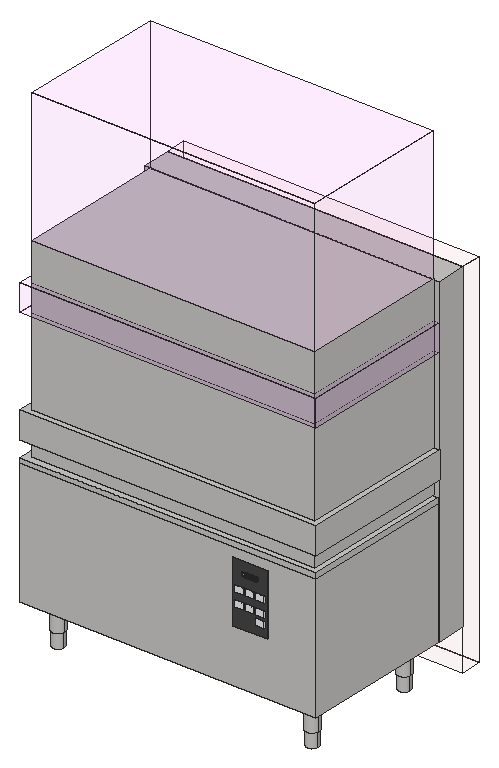
Revit family "QF_ZANUSSI_506068_ZPPWEALMS", category Attrezzature speciali, Revit 2020
Family settings
  Quota connettore circolare = Usa diametro
  Tipo di parte = Normale
  Basato su piano di lavoro = No
  Sempre verticale = Sì
  Taglio con vuoti quando caricato = No
  Condiviso = No
  Punto di calcolo locali = No
Parameters (values of type "Standard")
  Weight = 270.00 kg
  Watts = 15500 W
  Volts = 400 V
  URL Manufacturer = "http://www.zanussiprofessional.com"
  URL = "http://www.zanussiprofessional.com"
  Steam Supply Size = 0 mm
  Steam Supply Minimum Pressure = 0.0 Pa
  Steam Supply Maximum Pressure = 0.0 Pa
  Steam Consumption per Hour = 0
  Show Logo [instance] = yes
  Show Clearance [instance] = yes
  Refrigeration Suction Line Size = 0 mm
  Refrigeration Liquid Line Size = 0 mm
  Refrigerant Compressor Remote = yes
  Prospetto di default = 0 mm
  Produttore = "Zanussi"
  Phase = 3
  Modello = "ZPPWEALMS"
  Length Actual = 1433 mm  # constant formula
  Item Number = "506068"
  Hot Water Size = 19.05 mm
  Height Actual = 1760 mm  # constant formula
  HP = "20.8 HP"
  Gas Size = 0 mm
  Gas KW = 0
  Gas Input Pressure = 0 W
  Direct Waste Size = 36 mm
  Descrizione = "POT&P WASH.,AUTO,FRONT/S,MULTIR.,1433MM"
  Depth Actual = 890 mm  # constant formula
  Cycle = 50 Hz
  Condensate Return Size = 0 mm
  Compressed Air Volume = 0.0 L/s
  Compressed Air Size = 0 mm
  Compressed Air Pressure = 0.0 Pa
  Cold Water Size = 0 mm
  Accessory = yes
Reference planes
  plane 1 "Center (Front/Back)": y = -5
  plane 2: z = 0
  plane 3: x = -63
  plane 4 "LEFT": x = -777
  plane 5: x = 651
  plane 6: y = -440
  plane 7 "BACK": y = 450
  plane 8: z = 1760
  plane 9: y = -334
  plane 10: x = -677
  plane 11: y = 221
  plane 12: x = 551
  plane 13: z = 800
  plane 14: y = 310
  plane 15: z = 2400
Forms (mm)
  Extrusion 1, solid, material "QF_Finishes_Stainless Steel"
    sketch origin (0, 0, 0) x (1, 0, 0) y (0, 1, 0)
      loop
        line (-777, 300) -> (-777, -440) -> (651, -440) -> (651, 300) -> (-777, 300)
    from 200 to 800
  Extrusion 2, solid, material "QF_Finishes_Clearance", visible <- "Show Clearance"
    sketch origin (0, 0, 0) x (1, 0, 0) y (0, 1, 0)
      loop
        line (-777, 450) -> (651, 450) -> (651, 550) -> (-777, 550) -> (-777, 450)
    from 0 to 1760
  Extrusion 3, solid, material "QF_Finishes_Stainless Steel"
    sketch origin (-402.159, 705.464, 194.383) x (1, 0, 0) y (0, 1, 0)
      loop
        circle (677.159, -777.464) r 10
    from -9.383 to 5.617
  Extrusion 4, solid, material "QF_Finishes_Stainless Steel"
    sketch origin (0, 0, 800) x (1, 0, 0) y (0, 1, 0)
      loop
        line (621, -409.3) -> (621, 310) -> (-747, 310) -> (-747, -409.3) -> (621, -409.3)
    from 25 to 960
  Extrusion 5, solid, material "QF_Finishes_Stainless Steel"
    sketch origin (0, 0, 600) x (1, 0, 0) y (0, 1, 0)
      loop
        line (-777, 300) -> (-777, -440) -> (651, -440) -> (651, 300) -> (-777, 300)
    from 200 to 225
  Extrusion 6, solid, material "QF_Finishes_Stainless Steel"
    sketch origin (0, 0, 30) x (1, 0, 0) y (0, 1, 0)
      loop
        line (-777, 310) -> (-777, -440) -> (651, -440) -> (651, 310) -> (621, 310) -> (621, -409.3) -> (-747, -409.3) -> (-747, 310) -> (-777, 310)
    from 870 to 1000
  Extrusion 7, solid, material "QF_Finishes_Stainless Steel"
    sketch origin (0, 0, 0) x (1, 0, 0) y (0, 1, 0)
      loop
        line (-777, 450) -> (-777, 310) -> (651, 310) -> (651, 450) -> (-777, 450)
    from 200 to 1760
  Extrusion 8, solid, material "QF_Finishes_Door Clearance", visible <- "Show Clearance"
    sketch origin (0, 0, 1440) x (1, 0, 0) y (0, 1, 0)
      loop
        line (621, -409.3) -> (621, 310) -> (-747, 310) -> (-747, -409.3) -> (621, -409.3)
    from 140 to 960
  Extrusion 9, solid, material "QF_Finishes_Door Clearance", visible <- "Show Clearance"
    sketch origin (0, 0, 580) x (1, 0, 0) y (0, 1, 0)
      loop
        line (-777, 310) -> (-777, -440) -> (651, -440) -> (651, 310) -> (621, 310) -> (621, -409.3) -> (-747, -409.3) -> (-747, 310) -> (-777, 310)
    from 870 to 1000
  Extrusion 10, solid, material "QF_Finishes_Stainless Steel"
    sketch origin (-85.596, 450, 43.977) x (1, 0, 0) y (0, 0, -1)
      loop
        line (707.596, -163.023) -> (707.596, -183.023) -> (727.596, -183.023) -> (727.596, -163.023) -> (707.596, -163.023)
    from 0 to 2
  Extrusion 11, solid, material "QF_Finishes_Stainless Steel"
    sketch origin (-452.159, 655.464, 194.383) x (1, 0, 0) y (0, 1, 0)
      loop
        circle (677.159, -777.464) r 10
    from -9.383 to 5.617
  Extrusion 12, solid, material "QF_Finishes_Stainless Steel"
    sketch origin (-459.159, 655.464, 194.383) x (1, 0, 0) y (0, 1, 0)
      loop
        circle (377.159, -762.464) r 10
    from -9.383 to 5.617
  Extrusion 13, solid, material "QF_Finishes_Stainless Steel"
    sketch origin (609.404, -63.023, 198) x (0, -1, 0) y (1, 0, 0)
      loop
        line (-163.023, 6.596) -> (-163.023, 26.596) -> (-183.023, 26.596) -> (-183.023, 6.596) -> (-163.023, 6.596)
    from 0 to 2
Cuts and joins
  joined: Extrusion 4, Extrusion 6
Dimensions and locks
  plane 7 "BACK" to plane 6 = 890 mm  (x2)
  plane 4 "LEFT" to plane 5 = 1428 mm
  equal spacing: plane 5, plane 3, plane 4 "LEFT"
  Extrusion 5 to Extrusion 2 = 825 mm
  plane 8 to level = 1760 mm
  plane 11 to plane 9 = 555 mm
  level to plane 8 = 1760 mm
  level to plane 15 = 2400 mm
  plane 15 to level = 2400 mm
  plane 10 to plane 12 = 1228 mm
  plane 4 "LEFT" to plane 10 = 100 mm
  plane 12 to plane 5 = 100 mm
  Extrusion 9 to Extrusion 5 = 625 mm
  Extrusion 1 to Extrusion 2 = 200 mm
  level to Extrusion 1 = 200 mm
  Extrusion 5 to level = 825 mm
  Extrusion 5 to Extrusion 9 = 625 mm
  aligned and locked: level to plane 2
  aligned and locked: Extrusion 1 to plane 6
Automatic sketch dimensions
  Extrusion 2 sketch curve to plane 4 "LEFT" = 0 mm
  Extrusion 2 sketch curve to plane 5 = 0 mm
  Extrusion 2 sketch curve to plane 7 "BACK" = 0 mm
  Extrusion 2 sketch curve to Extrusion 2 sketch curve = 100 mm
  Extrusion 4 sketch curve to plane 14 = 0 mm
  plane 4 "LEFT" to Extrusion 4 sketch curve = 30 mm
  Extrusion 4 sketch curve to plane 5 = 30 mm
  Extrusion 7 sketch curve to plane 4 "LEFT" = 0 mm
  Extrusion 7 sketch curve to plane 5 = 0 mm
  Extrusion 7 sketch curve to plane 14 = 0 mm
  Extrusion 7 sketch curve to plane 7 "BACK" = 0 mm
  Extrusion 8 sketch curve to plane 14 = 0 mm
  plane 4 "LEFT" to Extrusion 8 sketch curve = 30 mm
  Extrusion 8 sketch curve to plane 5 = 30 mm
  Extrusion 10 sketch curve to plane 5 = 29 mm
  Extrusion 10 sketch curve to plane 5 = 9 mm
  level to Extrusion 10 sketch curve = 227 mm
  Extrusion 10 sketch curve to Extrusion 10 sketch curve = 20 mm
  Extrusion 1 sketch curve to plane 4 "LEFT" = 0 mm
  Extrusion 1 sketch curve to plane 5 = 0 mm
  Extrusion 1 sketch curve to plane 6 = 0 mm
  Extrusion 1 sketch curve to plane 14 = 10 mm
  Extrusion 5 sketch curve to plane 4 "LEFT" = 0 mm
  Extrusion 5 sketch curve to plane 5 = 0 mm
  Extrusion 5 sketch curve to plane 6 = 0 mm
  Extrusion 5 sketch curve to plane 14 = 10 mm
  Extrusion 6 sketch curve to plane 4 "LEFT" = 0 mm
  Extrusion 6 sketch curve to plane 14 = 0 mm  (x2)
  Extrusion 6 sketch curve to plane 5 = 0 mm
  Extrusion 6 sketch curve to plane 6 = 0 mm
  plane 4 "LEFT" to Extrusion 6 sketch curve = 30 mm
  Extrusion 6 sketch curve to plane 5 = 30 mm
  Extrusion 9 sketch curve to plane 4 "LEFT" = 0 mm
  Extrusion 9 sketch curve to plane 14 = 0 mm  (x2)
  Extrusion 9 sketch curve to plane 5 = 0 mm
  Extrusion 9 sketch curve to plane 6 = 0 mm
  plane 4 "LEFT" to Extrusion 9 sketch curve = 30 mm
  Extrusion 9 sketch curve to plane 5 = 30 mm
  plane 4 "LEFT" to Extrusion 12 sketch curve = 695 mm
  plane 6 to Extrusion 12 sketch curve = 333 mm
  plane 3 to Extrusion 3 sketch curve = 338 mm
  plane 6 to Extrusion 4 sketch curve = 30.7 mm
  plane 6 to Extrusion 6 sketch curve = 30.7 mm
  plane 6 to Extrusion 8 sketch curve = 30.7 mm
  plane 6 to Extrusion 9 sketch curve = 30.7 mm
  plane 3 to Extrusion 11 sketch curve = 288 mm
  plane 1 "Center (Front/Back)" to Extrusion 3 sketch curve = 67 mm
  plane 1 "Center (Front/Back)" to Extrusion 11 sketch curve = 117 mm
  Extrusion 13 sketch curve to plane 7 "BACK" = 330 mm
  Extrusion 13 sketch curve to Extrusion 13 sketch curve = 20 mm  (x2)
  Extrusion 13 sketch curve to plane 5 = 35 mm
  radius of Extrusion 3 sketch curve = 10 mm
  radius of Extrusion 11 sketch curve = 10 mm
  radius of Extrusion 12 sketch curve = 10 mm
Nested families
  nested 1: "Piedino H200 - DISHWASHING" at (-677, -334, 0), type "Piedino H200 - DISHWASHING"
    with H 200 mm
  nested 2: "Piedino H200 - DISHWASHING" at (-677, 221, 0), type "Piedino H200 - DISHWASHING"
    with H 200 mm
  nested 3: "Piedino H200 - DISHWASHING" at (551, -334, 0) x (-1, 0, 0) z (0, 0, 1), type "Piedino H200 - DISHWASHING"
    with H 200 mm
  nested 4: "Piedino H200 - DISHWASHING" at (551, 221, 0) x (-1, 0, 0) z (0, 0, 1), type "Piedino H200 - DISHWASHING"
    with H 200 mm
  nested 5: "Tastierino_DISHWASHING_NERO ZANUSSI - TASTI BIANCHI" at (334.061, -440, 606.153) x (1, 0, 0) z (0, -1, 0), type "Tastierino_DISHWASHING_NERO ZANUSSI - TASTI BIANCHI"
    with Show Logo yes
  nested 6: "ZANUSSI_Logo - WHITE" at (339.449, -441, 748.087) x (1, 0, 0) z (0, -1, 0), Show Logo <- "Show Logo", visible <- "Show Logo", type "ZANUSSI_Logo - WHITE"
    with Show Logo yes
Connectors
  piping at (275, -72, 185), diameter 12.9
    settings: on Extrusion 3, index 54, connector inside diameter 609.6 mm, connector length 0 mm, flow factor 0, pipe flow 0.0 L/s, pressure drop 0.0 Pa, fitting loss kfactor 0, connector angle 0.00°, fixture units 0, engagement length 0 mm, angle of deflection 0.00°, flow configuration 0, flow direction 0, fitting loss method 0, system type 29, joint type 0, gender type 0, connector reference index -1, connector utility 0, adjustable connector no, is connector primary yes, connector description "XD"
  electrical at (632, 450, 217)
    settings: on Extrusion 10, index 72, voltage 0 V, apparent load 0 VA, apparent load phase1 0 VA, apparent load phase2 0 VA, apparent load phase3 0 VA, power factor 1, load classification "Altro", number of poles 1, system type 30, power factor state 1, is connector primary yes, connector utility no, sub classification motor no, connector description "EQ"
  piping at (225, -122, 185), diameter 12.9
    settings: on Extrusion 11, index 73, connector inside diameter 609.6 mm, connector length 0 mm, flow factor 0, pipe flow 0.0 L/s, pressure drop 0.0 Pa, fitting loss kfactor 0, connector angle 0.00°, fixture units 0, engagement length 0 mm, angle of deflection 0.00°, flow configuration 0, flow direction 0, fitting loss method 0, system type 29, joint type 0, gender type 0, connector reference index -1, connector utility 0, adjustable connector no, is connector primary no, connector description "HWI"
  piping at (-82, -107, 185), diameter 12.9
    settings: on Extrusion 12, index 74, connector inside diameter 609.6 mm, connector length 0 mm, flow factor 0, pipe flow 0.0 L/s, pressure drop 0.0 Pa, fitting loss kfactor 0, connector angle 0.00°, fixture units 0, engagement length 0 mm, angle of deflection 0.00°, flow configuration 0, flow direction 0, fitting loss method 0, system type 29, joint type 0, gender type 0, connector reference index -1, connector utility 0, adjustable connector no, is connector primary no, connector description "D"
  electrical at (626, 110, 198)
    settings: on Extrusion 13, index 75, voltage 0 V, apparent load 0 VA, apparent load phase1 0 VA, apparent load phase2 0 VA, apparent load phase3 0 VA, power factor 1, load classification "Altro", number of poles 1, system type 30, power factor state 1, is connector primary no, connector utility no, sub classification motor no, connector description "EI"
Definition of nested family "Piedino H200 - DISHWASHING"
  Parameters (values of type "Piedino H200 - DISHWASHING")
    Default Elevation = 0 mm
    H [instance] = 200 mm
  Reference planes
    plane 1 "Centro (Fronte/Retro)": y = 0
    plane 2: z = 0
    plane 3 "Centro (Sinistra/Destra)": x = 0
    plane 4: z = 70.047
  Forms (mm)
    Revolve 1, solid
      sketch origin (55, 0, 0) x (-1, 0, 0) y (0, 0, -1)
        loop
          line (55, 0) -> (27.6, 0) -> (27.6, -70.047) -> (22.6, -70.047) -> (22.6, -200) -> (55, -200) -> (55, 0)
        axis (55, 0) -> (55, -200)
      angle from 0 to 360
  Dimensions and locks
    "H": Revolve 1 to plane 2
    aligned and locked: level to plane 2
  Automatic sketch dimensions
    Revolve 1 sketch curve to plane 4 = 0 mm
    Revolve 1 sketch curve to level = 0 mm
    Revolve 1 sketch curve to plane 3 "Centro (Sinistra/Destra)" = 0 mm  (x2)
    plane 3 "Centro (Sinistra/Destra)" to Revolve 1 sketch curve = 27.4 mm
    Revolve 1 sketch curve to Revolve 1 sketch curve = 5 mm
    Revolve 1 sketch curve to plane 4 = 129.953 mm
    Revolve 1 sketch curve to Revolve 1 sketch curve = 0 mm
    Revolve 1 sketch curve to Revolve 1 sketch curve = 20 mm
Definition of nested family "Tastierino_DISHWASHING_NERO ZANUSSI - TASTI BIANCHI"
  Parameters (values of type "Tastierino_DISHWASHING_NERO ZANUSSI - TASTI BIANCHI")
    Show Logo [instance] = yes
    Default Elevation = 1219.2 mm
  Reference planes
    plane 1 "Centro (Fronte/Retro)": y = 0
    plane 2: z = 0
    plane 3 "Centro (Sinistra/Destra)": x = 0
  Forms (mm)
    Extrusion 1, solid
      sketch origin (0, 0, 0) x (1, 0, 0) y (0, 1, 0)
        loop
          line (-1219.2, 1219.2) -> (-1219.2, -1219.2) -> (1219.2, -1219.2) -> (1219.2, 1219.2) -> (-1219.2, 1219.2)
      from 0 to -304.8
    Extrusion 2, solid
      sketch origin (171.444, -670.217, 0) x (-1, 0, 0) y (0, -1, 0)
        loop
          line (255.889, -817.837) -> (255.889, -522.596) -> (87, -522.596) -> (87, -817.837) -> (255.889, -817.837)
      from 0 to 1
    Extrusion 3, solid
      sketch origin (171.444, -670.217, 0) x (-1, 0, 0) y (0, -1, 0)
        loop
          line (241.444, -638.939) -> (241.444, -608.939) -> (201.444, -608.939) -> (201.444, -638.939) -> (241.444, -638.939)
        loop
          line (191.444, -638.939) -> (191.444, -608.939) -> (151.444, -608.939) -> (151.444, -638.939) -> (191.444, -638.939)
        loop
          line (141.444, -638.939) -> (141.444, -608.939) -> (101.444, -608.939) -> (101.444, -638.939) -> (141.444, -638.939)
        loop
          line (141.444, -593.939) -> (141.444, -563.939) -> (101.444, -563.939) -> (101.444, -593.939) -> (141.444, -593.939)
        loop
          line (241.444, -705.217) -> (241.444, -675.217) -> (201.444, -675.217) -> (201.444, -705.217) -> (241.444, -705.217)
        loop
          line (191.444, -705.217) -> (191.444, -675.217) -> (151.444, -675.217) -> (151.444, -705.217) -> (191.444, -705.217)
        loop
          line (141.444, -705.217) -> (141.444, -675.217) -> (101.444, -675.217) -> (101.444, -705.217) -> (141.444, -705.217)
      from 0 to 2
  Dimensions and locks
    aligned and locked: plane 2 to Extrusion 1
    aligned and locked: level to Extrusion 1
Definition of nested family "ZANUSSI_Logo - WHITE"
  Parameters (values of type "ZANUSSI_Logo - WHITE")
    Show Logo [instance] = yes
    Default Elevation = 1219.2 mm
  Reference planes
    plane 1 "Center (Front/Back)": y = -49
    plane 2: z = 0
    plane 3 "Center (Left/Right)": x = -9.92
  Forms (mm)
    Extrusion 1, solid
      sketch origin (0, 0, 0) x (1, 0, 0) y (0, 1, 0)
        loop
          line (-1219.2, 1219.2) -> (-1219.2, -1219.2) -> (1219.2, -1219.2) -> (1219.2, 1219.2) -> (-1219.2, 1219.2)
      from 0 to -304.8
    Extrusion 2, solid, visible <- "Show Logo"
      sketch origin (106.353, -215.165, -50) x (1, 0, 0) y (0, 1, 0)
        loop
          line (-137.419, 156.48) -> (-137.419, 160.444) -> (-143.365, 160.444) -> (-137.419, 172.566) -> (-137.419, 175.851) -> (-147.274, 175.851) -> (-147.274, 172.226) -> (-142.063, 172.339) -> (-147.728, 160.444) -> (-147.728, 156.48) -> (-137.419, 156.48)
        loop
          line (-131.729, 163.73) -> (-129.463, 163.73) -> (-130.596, 172.54) -> (-131.729, 163.73)
        loop
          line (-132.748, 156.48) -> (-132.182, 160.218) -> (-128.897, 160.218) -> (-128.33, 156.48) -> (-124.252, 156.48) -> (-127.877, 175.851) -> (-133.315, 175.851) -> (-136.826, 156.48) -> (-132.748, 156.48)
        loop
          line (-123.75, 175.851) -> (-123.75, 156.48) -> (-120.238, 156.48) -> (-120.238, 169.281) -> (-116.953, 156.48) -> (-112.648, 156.48) -> (-112.648, 175.851) -> (-116.273, 175.851) -> (-116.273, 163.503) -> (-119.558, 175.851) -> (-123.75, 175.851)
        loop
          arc (-111.742, 161.27) -> (-106.896, 156.448) -> (-101.433, 160.558) r 5.22
          line (-101.433, 160.558) -> (-101.433, 175.851) -> (-105.398, 175.851) -> (-105.398, 161.464)
          arc (-105.398, 161.464) -> (-106.44, 160.263) -> (-107.777, 161.124) r 1.214
          line (-107.777, 161.124) -> (-107.777, 175.851) -> (-111.742, 175.851) -> (-111.742, 161.27)
        loop
          line (-94.069, 169.734) -> (-90.331, 169.734) -> (-90.269, 171.495)
          arc (-90.269, 171.495) -> (-90.53, 173.458) -> (-91.761, 175.009) r 3.719
          arc (-91.761, 175.009) -> (-95.38, 176.189) -> (-98.998, 175.009) r 6.139
          arc (-98.998, 175.009) -> (-100.474, 172.145) -> (-100.291, 168.927) r 6.125
          arc (-100.291, 168.927) -> (-99.079, 167.149) -> (-97.591, 165.594) r 13.068
          line (-97.591, 165.594) -> (-95.921, 164.113)
          arc (-95.921, 164.113) -> (-94.934, 163.275) -> (-94.167, 162.233) r 5.571
          arc (-94.167, 162.233) -> (-94.357, 160.41) -> (-96.143, 160.003) r 1.573
          arc (-96.143, 160.003) -> (-96.681, 160.547) -> (-96.911, 161.277) r 1.631
          arc (-96.911, 161.277) -> (-96.929, 161.791) -> (-96.911, 162.305) r 7.441
          arc (-96.911, 162.305) -> (-96.895, 162.791) -> (-96.911, 163.277) r 7.03
          line (-96.911, 163.277) -> (-100.866, 163.277)
          arc (-100.866, 163.277) -> (-100.828, 160.504) -> (-99.735, 157.955) r 7.131
          arc (-99.735, 157.955) -> (-94.571, 156.484) -> (-90.221, 159.633) r 6.148
          arc (-90.221, 159.633) -> (-90.141, 162.884) -> (-91.536, 165.823) r 7.021
          line (-91.536, 165.823) -> (-95.882, 169.734)
          arc (-95.882, 169.734) -> (-96.47, 170.472) -> (-96.785, 171.362) r 2.858
          arc (-96.785, 171.362) -> (-95.666, 172.959) -> (-94.069, 171.84) r 1.379
          line (-94.069, 171.84) -> (-94.069, 169.734)
        loop
          line (-82.771, 169.734) -> (-79.033, 169.734) -> (-78.971, 171.495)
          arc (-78.971, 171.495) -> (-79.232, 173.458) -> (-80.463, 175.009) r 3.719
          arc (-80.463, 175.009) -> (-84.081, 176.189) -> (-87.7, 175.009) r 6.139
          arc (-87.7, 175.009) -> (-89.175, 172.145) -> (-88.993, 168.927) r 6.125
          arc (-88.993, 168.927) -> (-87.781, 167.149) -> (-86.293, 165.594) r 13.068
          line (-86.293, 165.594) -> (-84.623, 164.113)
          arc (-84.623, 164.113) -> (-83.636, 163.275) -> (-82.869, 162.233) r 5.571
          arc (-82.869, 162.233) -> (-83.059, 160.41) -> (-84.845, 160.003) r 1.573
          arc (-84.845, 160.003) -> (-85.383, 160.547) -> (-85.613, 161.277) r 1.631
          arc (-85.613, 161.277) -> (-85.631, 161.791) -> (-85.613, 162.305) r 7.441
          arc (-85.613, 162.305) -> (-85.596, 162.791) -> (-85.613, 163.277) r 7.03
          line (-85.613, 163.277) -> (-89.568, 163.277)
          arc (-89.568, 163.277) -> (-89.53, 160.504) -> (-88.437, 157.955) r 7.131
          arc (-88.437, 157.955) -> (-83.272, 156.484) -> (-78.922, 159.633) r 6.148
          arc (-78.922, 159.633) -> (-78.843, 162.884) -> (-80.238, 165.823) r 7.021
          line (-80.238, 165.823) -> (-84.584, 169.734)
          arc (-84.584, 169.734) -> (-85.171, 170.472) -> (-85.486, 171.362) r 2.858
          arc (-85.486, 171.362) -> (-84.368, 172.959) -> (-82.771, 171.84) r 1.379
          line (-82.771, 171.84) -> (-82.771, 169.734)
        loop
          line (-78.21, 175.851) -> (-78.21, 156.48) -> (-74.245, 156.48) -> (-74.245, 175.851) -> (-78.21, 175.851)
      from 50 to 51.6
  Dimensions and locks
    aligned and locked: plane 2 to Extrusion 1
    aligned and locked: level to Extrusion 1
